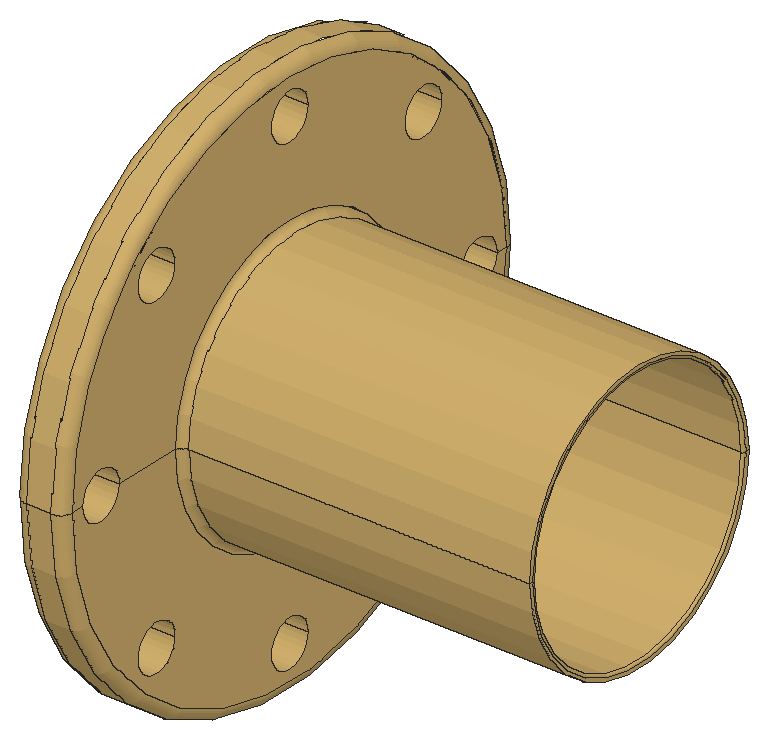
Revit family "6", category Pipe Fittings, Revit 2018
Family settings
  Round Connector Dimension = Use Diameter
  Part Type = Flange
  OmniClass Number = 23.27.43.00
  OmniClass Title = Pipe Fittings
  Work Plane-Based = No
  Always vertical = Yes
  Cut with Voids When Loaded = No
  Shared = No
Parameters (values of type "90014")
  URL = "https://www.aignep.com/"
  Tick Size [instance] = Nominal Diameter * 0.4  # 44.00 mm
  QR code = "https://www.bimobject.com/aignep/product/flanged-tube-90014"
  Product url = "https://www.aignep.com/eng/Pipe-fittings-INFINITY/Air-Pipeline-INFINITY-Series/FLANGED-TUBE-ANSI-150-LB2"
  Product name = "Flanged Tube Ansi 150-Lb - 90014"
  Product group = "Fittings"
  Product family = "INFINITY"
  Product data url = "https://www.bimobject.com/aignep/product/flanged-tube-90014"
  Product certification = "https://www.aignep.com/eng/Certificazioni/FREE-OF-SILICON"
  Product SKU = "Flanged-Tube-90014"
  Product Material = AIGNEP - Brass - Yellow
  Product Guid = "27cfc78e-9992-4ffd-86bf-3a07a375667d"
  OmniClass Description = "Pipe Fittings"
  OmniClass Code = "23-27 43 00"
  Nominal Diameter [instance] = 110 mm
  Model = "90014"  # constant formula
  Material main = "Aluminium"
  Manufacturer name = "Aignep Spa"
  Manufacturer country = "Italy"
  Manufacturer = "Aignep Spa"
  Lookup Table Name = "Flange - 90014"
  L [instance] = size_lookup(Lookup Table Name, "L", 0.00 mm, Nominal Diameter)  # 166.00 mm
  Keynote = "15410"
  IFC Classification = "Pipe Fitting"
  I [instance] = size_lookup(Lookup Table Name, "I", 0.00 mm, Nominal Diameter)  # 190.50 mm
  F/2 [instance] = F / 2  # 79.00 mm
  F [instance] = size_lookup(Lookup Table Name, "F", 0.00 mm, Nominal Diameter)  # 158.00 mm
  Edition number = 1
  E [instance] = size_lookup(Lookup Table Name, "E", 0.00 mm, Nominal Diameter)  # 228.60 mm
  Design country = "Italy"
  Description = "Flanged Tube Ansi 150-Lb"
  D1 [instance] = size_lookup(Lookup Table Name, "D1", 0.00 mm, Nominal Diameter)  # 19.00 mm
  D [instance] = size_lookup(Lookup Table Name, "D", 0.00 mm, Nominal Diameter)  # 110.00 mm
  C [instance] = size_lookup(Lookup Table Name, "C", 0.00 mm, Nominal Diameter)  # 20.00 mm
  BIMobject category = "Joints"
  B [instance] = size_lookup(Lookup Table Name, "B", 0.00 mm, Nominal Diameter)  # 25.00 mm
  Assembly Code = "D2040100"
  Article Code [instance] = size_lookup(Lookup Table Name, "", "", Nominal Diameter)  # "90014 00 002"
Reference planes
  plane 1 "Center (Front/Back)": y = 0
  plane 2: z = 0
  plane 3 "Center (Left/Right)": x = 0
  plane 4: x = 166
  plane 5: y = 114.3
  plane 6: y = -114.3
  plane 7: y = 55
  plane 8: y = -55
  plane 9: x = 25
  plane 10: z = 95.25
  plane 11: z = -95.25
  plane 12: x = 5
  plane 13: through (0, 24.749, -24.749) normal (0, 0.7071, 0.7071)
  plane 14: through (0, -6.951, -6.951) normal (0, 0.7071, -0.7071)
  plane 15: y = 95.25
  plane 16: y = -95.25
  plane 17: through (0, 49.382, 85.322) normal (0, 0.7071, 0.7071)
  plane 18: through (0, -109.791, -24.913) normal (0, 0.7071, 0.7071)
  plane 19: through (0, -7.424, -142.127) normal (0, -0.7071, 0.7071)
  plane 20: through (0, -184.5, -49.797) normal (0, -0.7071, 0.7071)
  plane 21: x = 28.298
  plane 22: x = 14.149
Forms (mm)
  Revolve 1, solid, material "AIGNEP - Brass - Yellow" <- "Product Material", detail levels fine
    sketch origin (0, 0, 0) x (1, 0, 0) y (0, 1, 0)
      loop
        arc (0, 53.499) -> (0.291, 52.796) -> (0.993, 52.505) r 0.993
        line (0.993, 52.505) -> (164.991, 52.505)
        arc (164.991, 52.505) -> (165.704, 52.801) -> (166, 53.515) r 1.009
        line (166, 53.515) -> (166, 55) -> (28.298, 55)
        arc (28.298, 55) -> (25.987, 55.761) -> (25, 57.986) r 3
        line (25, 57.986) -> (25, 109.55)
        arc (25, 109.55) -> (23.609, 112.909) -> (20.25, 114.3) r 4.75
        line (20.25, 114.3) -> (10.25, 114.3)
        arc (10.25, 114.3) -> (6.538, 112.762) -> (5, 109.05) r 5.25
        line (5, 109.05) -> (5, 79) -> (0, 79) -> (0, 53.499)
      axis (166, 0) -> (0, 0)
    angle from 0 to 360
  Extrusion 2, void
    sketch origin (7.5, 55.314, 1200) x (0, 1, 0) y (0, 0, 1)
      loop
        circle (12.038, -1132.648) r 9.5
      loop
        circle (-55.314, -1104.75) r 9.5
      loop
        circle (-122.666, -1132.648) r 9.5
      loop
        circle (-150.564, -1200) r 9.5
      loop
        circle (-122.666, -1267.352) r 9.5
      loop
        circle (-55.314, -1295.25) r 9.5
      loop
        circle (12.038, -1267.352) r 9.5
      loop
        circle (39.936, -1200) r 9.5
    from 17.5 to -7.5
  Extrusion 3, solid, not visible, detail levels fine
    sketch origin (7.5, 55.314, 1200) x (0, 1, 0) y (0, 0, 1)
      loop
        circle (-55.314, -1200) r 1.189
    from -7.5 to 20.798
Cuts and joins
  Extrusion 2 cuts Revolve 1
Lines and regions (mm)
  model lines, detail levels coarse+medium
    curve 1: line (14.149, 0, 0) -> (14.149, 44, 0)
    curve 2: line (14.149, 0, 0) -> (14.149, -44, 0)
    curve 3: line (0, 0, 0) -> (28.298, 0, 0)
Dimensions and locks
  equal spacing: plane 6, plane 1 "Center (Front/Back)", plane 5
  "E": plane 5 to plane 6
  "B": plane 3 "Center (Left/Right)" to plane 9
  equal spacing: plane 8, plane 1 "Center (Front/Back)", plane 7
  "D": plane 7 to plane 8
  "L": plane 3 "Center (Left/Right)" to plane 4
  locked: plane 7 to Revolve 1 sketch curve at 2.495
  "I": plane 10 to plane 11
  equal spacing: plane 10, level, plane 11
  equal spacing: plane 17, plane 13, plane 18
  "I": plane 17 to plane 18
  equal spacing: plane 19, plane 14, plane 20
  "I": plane 20 to plane 19
  equal spacing: plane 15, plane 1 "Center (Front/Back)", plane 16
  "I": plane 15 to plane 16
  "Tick Size": plane 1 "Center (Front/Back)" to curve 1
  "Tick Size": curve 2 to plane 1 "Center (Front/Back)"
  locked: plane 9 to plane 21 at 3.298
  "F/2": plane 1 "Center (Front/Back)" to Revolve 1 sketch curve
  equal spacing: plane 3 "Center (Left/Right)", plane 22, plane 21
  "D1": diameter of Extrusion 2 sketch curve  (x8)
  locked: plane 2 to plane 13 (angle 45.00°)
  locked: plane 14 to plane 2 (angle 45.00°)
  aligned and locked: level to plane 2
  aligned and locked: Revolve 1 sketch curve to plane 7
  aligned and locked: plane 4 to Revolve 1 sketch curve
  aligned and locked: plane 3 "Center (Left/Right)" to Revolve 1 sketch curve
  aligned and locked: plane 1 "Center (Front/Back)" to Revolve 1 sketch curve
  aligned and locked: plane 1 "Center (Front/Back)" to Extrusion 2 sketch curve  (x2)
  aligned and locked: plane 10 to Extrusion 2 sketch curve  (x2)
  aligned and locked: plane 11 to Extrusion 2 sketch curve  (x2)
  aligned and locked: plane 2 to Extrusion 2 sketch curve  (x4)
  aligned and locked: plane 15 to Extrusion 2 sketch curve
  aligned and locked: plane 16 to Extrusion 2 sketch curve
  aligned and locked: plane 14 to Extrusion 2 sketch curve  (x4)
  aligned and locked: plane 13 to Extrusion 2 sketch curve  (x2)
  aligned and locked: plane 19 to Extrusion 2 sketch curve
  aligned and locked: plane 20 to Extrusion 2 sketch curve
  aligned and locked: plane 1 "Center (Front/Back)" to Extrusion 3 sketch curve
  aligned and locked: plane 2 to Extrusion 3 sketch curve
  aligned and locked: Extrusion 3 to plane 3 "Center (Left/Right)"
  aligned and locked: plane 1 "Center (Front/Back)" to curve 3
  aligned and locked: Revolve 1 sketch curve to plane 12
  aligned and locked: Revolve 1 sketch curve to plane 9
  aligned and locked: Revolve 1 sketch curve to plane 5
  aligned and locked: Extrusion 2 to plane 3 "Center (Left/Right)"
  aligned and locked: plane 9 to Extrusion 2
  aligned and locked: plane 21 to Extrusion 3
  aligned and locked: curve 1 to plane 22
  aligned and locked: plane 3 "Center (Left/Right)" to curve 3
Automatic sketch dimensions
  curve 3 to plane 21 = 0.00 mm
  plane 1 "Center (Front/Back)" to curve 2 = 0.00 mm
  Revolve 1 sketch curve to plane 21 = 0.00 mm
  Revolve 1 sketch curve to Revolve 1 sketch curve = 0.993 mm
  plane 22 to Revolve 1 sketch curve = 3.899 mm
  Revolve 1 sketch curve to plane 5 = 4.75 mm
  Revolve 1 sketch curve to plane 21 = 0.297 mm
  Revolve 1 sketch curve to plane 4 = 1.009 mm
  Revolve 1 sketch curve to plane 4 = 49.273 mm
  Revolve 1 sketch curve to Revolve 1 sketch curve = 19.00 mm
  plane 18 to Extrusion 2 sketch curve = 0.00 mm
  plane 17 to Extrusion 2 sketch curve = 0.00 mm
  radius of Extrusion 3 sketch curve = 1.189 mm
Connectors
  piping at (0, 0, 0), diameter 110, driven by "Nominal Diameter"
    settings: on Extrusion 3, index 1, connector inside diameter 609.6 mm, connector length 0.00 mm, flow factor 0, pipe flow 0.0 L/s, pressure drop 0.0 Pa, fitting loss kfactor 0, connector angle 0.00°, fixture units 0, engagement length 0.00 mm, angle of deflection 0.00°, flow configuration 0, flow direction 0, fitting loss method 0, system type 28, joint type 0, gender type 0, connector reference index 2, connector utility 0, adjustable connector yes, is connector primary yes, connector description ""
  piping at (28.298, 0, 0), diameter 110, driven by "Nominal Diameter"
    settings: on Extrusion 3, index 2, connector inside diameter 609.6 mm, connector length 0.00 mm, flow factor 0, pipe flow 0.0 L/s, pressure drop 0.0 Pa, fitting loss kfactor 0, connector angle 0.00°, fixture units 0, engagement length 0.00 mm, angle of deflection 0.00°, flow configuration 0, flow direction 0, fitting loss method 0, system type 28, joint type 0, gender type 0, connector reference index 1, connector utility 0, adjustable connector yes, is connector primary no, connector description ""
